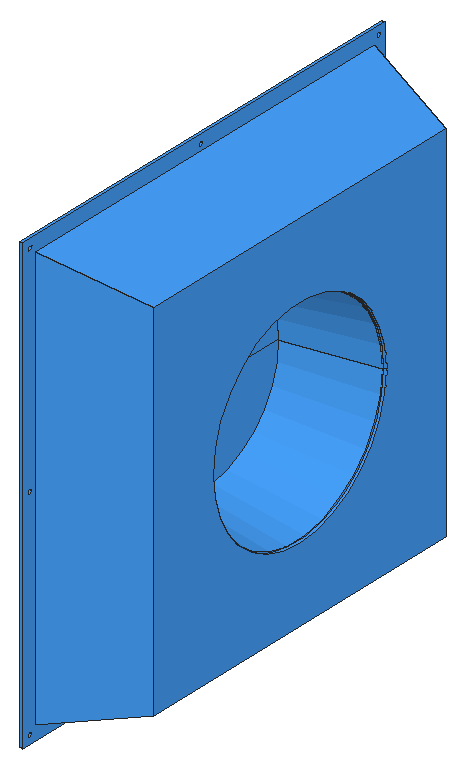
Revit family "110-MRF REV 0", category Pipe Accessories, Revit 2023
Family settings
  Round Connector Dimension = Use Diameter
  Part Type = Breaks Into
  Work Plane-Based = No
  Always vertical = No
  Cut with Voids When Loaded = No
  Shared = No
Parameters
  URL = "http://www.suresnap.co.uk/"
  Model = "110-MRF"
  Manufacturer = "Suresnap Fire Collars UK"
  Description = "SURE SNAP 110 Manifold Recess Former"
  Default Elevation = 0 mm
  Cut Depth Offset [instance] = Cut Depth + 1 mm  # 1 mm
  Cut Depth [instance] = 0 mm
Reference planes
  plane 1 "Center (Front/Back)": y = 0
  plane 2: z = 0
  plane 3 "Center (Left/Right)": x = -99.679
  plane 4: x = -99.679
  plane 5: x = -99.679
  plane 6: x = -99.679
Forms (mm)
  Extrusion 1, solid, material "PVC-Blue", not visible, detail levels fine
    sketch origin (0, 0, 0) x (1, 0, 0) y (0, 0, 1)
      loop
        line (-80, 60.418) -> (-227.967, 86.048) -> (-227.967, 69.12) -> (-80, 60.418)
    from -1.5 to 1.5
  Extrusion 2, solid, material "PVC-Blue", not visible, detail levels fine
    sketch origin (0, 0, 0) x (1, 0, 0) y (0, -0.5, 0.866025)
      loop
        line (-80, 60.418) -> (-227.967, 86.048) -> (-227.967, 69.12) -> (-80, 60.418)
    from -1.5 to 1.5
  Extrusion 3, solid, material "PVC-Blue", not visible, detail levels fine
    sketch origin (0, 0, 0) x (1, 0, 0) y (0, -0.866025, 0.5)
      loop
        line (-80, 60.418) -> (-227.967, 86.048) -> (-227.967, 69.12) -> (-80, 60.418)
    from -1.5 to 1.5
  Extrusion 4, solid, material "PVC-Blue", not visible, detail levels fine
    sketch origin (0, 0, 0) x (0, -1, 0) y (-1, 0, 0)
      loop
        line (60.418, 80) -> (86.048, 227.967) -> (69.12, 227.967) -> (60.418, 80)
    from -1.5 to 1.5
  Extrusion 5, solid, material "PVC-Blue", not visible, detail levels fine
    sketch origin (0, 0, 0) x (1, 0, 0) y (0, -0.866025, -0.5)
      loop
        line (-80, 60.418) -> (-227.967, 86.048) -> (-227.967, 69.12) -> (-80, 60.418)
    from -1.5 to 1.5
  Extrusion 6, solid, material "PVC-Blue", not visible, detail levels fine
    sketch origin (0, 0, 0) x (1, 0, 0) y (0, -0.5, -0.866025)
      loop
        line (-80, 60.418) -> (-227.967, 86.048) -> (-227.967, 69.12) -> (-80, 60.418)
    from -1.5 to 1.5
  Extrusion 7, solid, material "PVC-Blue", not visible, detail levels fine
    sketch origin (0, 0, 0) x (1, 0, 0) y (0, 0, -1)
      loop
        line (-80, 60.418) -> (-227.967, 86.048) -> (-227.967, 69.12) -> (-80, 60.418)
    from -1.5 to 1.5
  Extrusion 8, solid, material "PVC-Blue", not visible, detail levels fine
    sketch origin (0, 0, 0) x (1, 0, 0) y (0, 0.5, -0.866025)
      loop
        line (-80, 60.418) -> (-227.967, 86.048) -> (-227.967, 69.12) -> (-80, 60.418)
    from -1.5 to 1.5
  Extrusion 9, solid, material "PVC-Blue", not visible, detail levels fine
    sketch origin (0, 0, 0) x (1, 0, 0) y (0, 0.866025, -0.5)
      loop
        line (-80, 60.418) -> (-227.967, 86.048) -> (-227.967, 69.12) -> (-80, 60.418)
    from -1.5 to 1.5
  Extrusion 10, solid, material "PVC-Blue", not visible, detail levels fine
    sketch origin (0, 0, 0) x (1, 0, 0) y (0, 1, 0)
      loop
        line (-80, 60.418) -> (-227.967, 86.048) -> (-227.967, 69.12) -> (-80, 60.418)
    from -1.5 to 1.5
  Extrusion 11, solid, material "PVC-Blue", not visible, detail levels fine
    sketch origin (0, 0, 0) x (1, 0, 0) y (0, 0.866025, 0.5)
      loop
        line (-80, 60.418) -> (-227.967, 86.048) -> (-227.967, 69.12) -> (-80, 60.418)
    from -1.5 to 1.5
  Extrusion 12, solid, material "PVC-Blue", not visible, detail levels fine
    sketch origin (0, 0, 0) x (1, 0, 0) y (0, 0.5, 0.866025)
      loop
        line (-80, 60.418) -> (-227.967, 86.048) -> (-227.967, 69.12) -> (-80, 60.418)
    from -1.5 to 1.5
  Extrusion 13, solid, material "PVC-Blue", not visible, detail levels medium+fine
    sketch origin (0, 0, 0) x (1, 0, 0) y (0, 0, 1)
      loop
        line (-227.967, 58.439) -> (-140.967, 58.439) -> (-140.967, 77.244)
        arc (-140.967, 77.244) -> (-148.679, 90.01) -> (-162.316, 96.048) r 24.811
        line (-162.316, 96.048) -> (-227.967, 96.048) -> (-227.967, 58.439)
    from -12 to 12
  Extrusion 14, solid, material "PVC-Blue", not visible, detail levels fine
    sketch origin (0, 0, 0) x (1, 0, 0) y (0, 0, 1)
      loop
        line (-227.967, 102.871) -> (-227.967, 96.048) -> (-162.316, 96.048) -> (-227.967, 102.871)
    from -2 to 2
  Extrusion 15, solid, material "PVC-Blue", not visible, detail levels fine
    sketch origin (0, 0, 0) x (1, 0, 0) y (0, 0, 1)
      loop
        circle (-157.362, 79.878) r 1.5
    from -30 to 30
  Extrusion 16, solid, material "PVC-Blue", not visible, detail levels medium+fine
    sketch origin (0, 0.061, 0.083) x (1, 0, 0) y (0, -0.707107, 0.707107)
      loop
        line (-227.967, 58.439) -> (-140.967, 58.439) -> (-140.967, 77.244)
        arc (-140.967, 77.244) -> (-148.679, 90.01) -> (-162.316, 96.048) r 24.811
        line (-162.316, 96.048) -> (-227.967, 96.048) -> (-227.967, 58.439)
    from -12 to 12
  Extrusion 17, solid, material "PVC-Blue", not visible, detail levels fine
    sketch origin (0, 0.061, 0.083) x (1, 0, 0) y (0, -0.707107, 0.707107)
      loop
        line (-227.967, 102.871) -> (-227.967, 96.048) -> (-162.316, 96.048) -> (-227.967, 102.871)
    from -2 to 2
  Extrusion 18, solid, material "PVC-Blue", not visible, detail levels fine
    sketch origin (0, 0.018, 0.04) x (1, 0, 0) y (0, -0.707107, 0.707107)
      loop
        circle (-157.362, 79.878) r 1.5
    from -30 to 30
  Extrusion 19, solid, material "PVC-Blue", not visible, detail levels fine
    sketch origin (0, -0.061, 0) x (1, 0, 0) y (0, 0, 1)
      loop
        line (-227.967, 92.766) -> (-227.967, 67.973) -> (-80, 67.973) -> (-227.967, 92.766)
    from -1.5 to 1.5
  Extrusion 20, solid, material "PVC-Blue", not visible
    sketch origin (-227.967, 0, 0) x (0, -1, 0) y (0, 0, -1)
      loop
        circle (37.79, -92.766) r 6
      loop
        circle (37.79, -92.766) r 3.5
    from 0 to 10
  Extrusion 21, solid, material "PVC-Blue", not visible
    sketch origin (-227.967, 0, 0) x (0, 1, 0) y (0, 0, 1)
      loop
        circle (37.79, 92.766) r 6
      loop
        circle (37.79, 92.766) r 3.5
    from 0 to 10
  Extrusion 22, solid, material "PVC-Blue"
    sketch origin (-99.701, -2.508, 0) x (0, 1, 0) y (0, 0, -1)
      loop
        line (137.57, -137.615) -> (137.57, 137.385) -> (-137.43, 137.385) -> (-137.43, -137.615) -> (137.57, -137.615)
      loop
        line (-127.43, -127.615) -> (127.57, -127.615) -> (127.57, 127.385) -> (-127.43, 127.385) -> (-127.43, -127.615)
    from 58 to 60
  Extrusion 23, solid, material "PVC-Blue"
    sketch origin (-99.701, -2.508, 0) x (0, 1, 0) y (0, 0, -1)
      loop
        line (111.11, -111.155) -> (111.11, 110.925) -> (-110.97, 110.925) -> (-110.97, -111.155) -> (111.11, -111.155)
      loop
        circle (0.07, -0.115) r 65.943
    from 0 to 2
  Sweep 24, solid, material "PVC-Blue"
    path in 3D
      loop
        line (-99.701, -113.479, 111.155) -> (-99.701, -113.479, -110.925) -> (-99.701, 108.601, -110.925) -> (-99.701, 108.601, 111.155) -> (-99.701, -113.479, 111.155)
    profile origin (-99.701, -2.439, 111.155) x (1, 0, 0) y (0, 0, 1)
      loop
        line (0, 0) -> (-58, 17.732) -> (-58, 16.46) -> (0, -1.272) -> (0, 0)
  Extrusion 25, void
    sketch origin (-159.701, -2.508, 0) x (0, -1, 0) y (0, 0, -1)
      loop
        circle (-132.57, -132.615) r 1.6
      loop
        circle (-132.57, 132.385) r 1.6
      loop
        circle (132.43, -132.615) r 1.6
      loop
        circle (132.43, 132.385) r 1.6
      loop
        circle (2.43, -132.615) r 1.6
      loop
        circle (2.43, 132.385) r 1.6
      loop
        circle (-132.57, -0.115) r 1.6
      loop
        circle (132.43, -0.115) r 1.6
    from 0 to 2
  Revolve 26, solid, material "PVC-Blue"
    sketch origin (-79.701, -2.508, 0) x (-1, 0, 0) y (0, -1, 0)
      loop
        line (22, 67.517) -> (22, 65.491) -> (78, 56.4) -> (78, 0) -> (80, 0) -> (80, 56.075)
        arc (80, 56.075) -> (79.432, 57.618) -> (78, 58.426) r 2.382
        line (78, 58.426) -> (22, 67.517)
      axis (80, 0) -> (22, 0)
    angle from 0 to 360
Cuts and joins
  Extrusion 25 cuts Extrusion 22
  joined: Extrusion 22, Extrusion 23, Sweep 24, Revolve 26
Lines and regions (mm)
  model lines
    curve 1: line (-227.967, -52.439, 0.115) -> (-227.967, 47.561, 0.115)
  sketch lines
    curve 2: line (-99.701, 108.601, 111.155) -> (-99.701, -113.479, 111.155)
    curve 3: line (-99.701, -113.479, 111.155) -> (-99.701, -113.479, -110.925)
    curve 4: line (-99.701, -113.479, -110.925) -> (-99.701, 108.601, -110.925)
    curve 5: line (-99.701, 108.601, -110.925) -> (-99.701, 108.601, 111.155)
Dimensions and locks
  plane 4 to plane 3 "Center (Left/Right)" = 0 mm
  Extrusion 1 sketch curve to Extrusion 1 sketch curve = 0 mm
  Extrusion 2 sketch curve to Extrusion 2 sketch curve = 0 mm
  Extrusion 3 sketch curve to Extrusion 3 sketch curve = 0 mm
  Extrusion 4 sketch curve to Extrusion 4 sketch curve = 0 mm
  Extrusion 5 sketch curve to Extrusion 5 sketch curve = 0 mm
  Extrusion 6 sketch curve to Extrusion 6 sketch curve = 0 mm
  Extrusion 7 sketch curve to Extrusion 7 sketch curve = 0 mm
  Extrusion 8 sketch curve to Extrusion 8 sketch curve = 0 mm
  Extrusion 9 sketch curve to Extrusion 9 sketch curve = 0 mm
  Extrusion 10 sketch curve to Extrusion 10 sketch curve = 0 mm
  Extrusion 11 sketch curve to Extrusion 11 sketch curve = 0 mm
  Extrusion 12 sketch curve to Extrusion 12 sketch curve = 0 mm
  aligned and locked: level to plane 2
Connectors
  piping at (-99.679, 0, 0), diameter 110
    settings: on plane 6, index 4, connector inside diameter 609.6 mm, connector length 0 mm, flow factor 0, pipe flow 0.0 L/s, pressure drop 0.0 Pa, fitting loss kfactor 0, connector angle 0.00°, fixture units 0, engagement length 0 mm, angle of deflection 0.00°, flow configuration 0, flow direction 0, fitting loss method 0, system type 7, joint type 0, gender type 0, connector reference index -1, connector utility 0, adjustable connector no, is connector primary yes, connector description ""
  piping at (-99.679, 0, 0), diameter 100
    settings: on plane 5, index 5, connector inside diameter 609.6 mm, connector length 0 mm, flow factor 0, pipe flow 0.0 L/s, pressure drop 0.0 Pa, fitting loss kfactor 0, connector angle 0.00°, fixture units 0, engagement length 0 mm, angle of deflection 0.00°, flow configuration 0, flow direction 0, fitting loss method 0, system type 7, joint type 0, gender type 0, connector reference index -1, connector utility 0, adjustable connector no, is connector primary no, connector description ""
